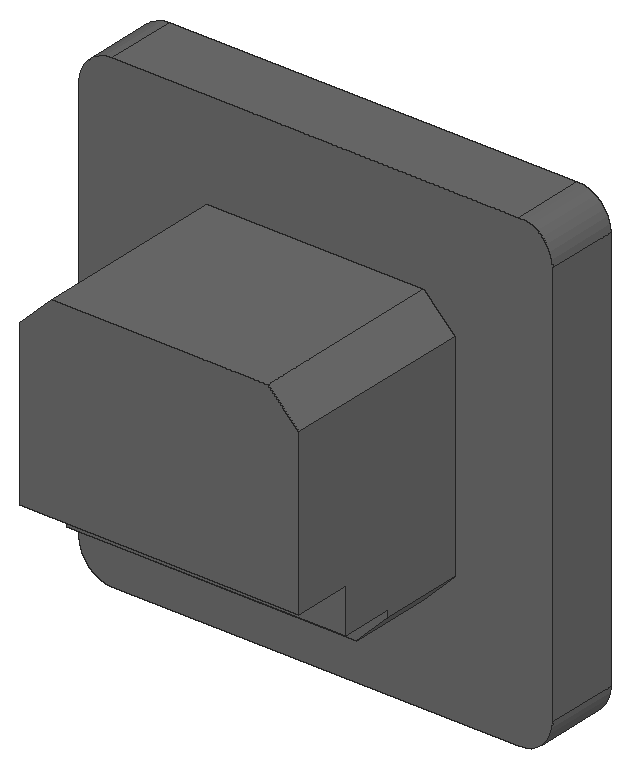
Revit family "USYSTEMS_Проводной термостат цифровой_TW-9", category Датчики, Revit 2019
Family settings
  Сохранять ориентацию аннотаций = Нет
  Размер круглого соединителя = Использовать диаметр
  Тип детали = Нормальный
  На основе рабочей плоскости = Нет
  Всегда вертикально = Да
  При загрузке вырезать с полостями = Нет
  Общий = Нет
  Точка расчета площади = Нет
Parameters (values of type "TW-9 черный")
  Экран = USYSTEMS_Экран
  Ширина экрана = 63 mm  # constant formula
  Тощина залней части = 35 mm
  Толщина передней части = 13 mm
  Толшина жкрана = 2 mm
  Сторона корпуса = 85 mm
  Сторона задней части = 50 mm  # constant formula
  Радиус сопряжения = 6 mm
  Привязка плоскости экраа = 9 mm
  Отступ длины задней части = 4 mm
  Отображение на экране = USYSTEMS_Отображение на экране
  Корпус = USYSTEMS_Пластик черный
  Кнопки = USYSTEMS_Кнопки
  Высота экрана = 49 mm  # constant formula
  ADSK_Ток [instance] = 0 A
  ADSK_Пусковой ток [instance] = ADSK_Ток * ADSK_Кратность пускового тока  # 0 A
  ADSK_Примечание [instance] = ""
  ADSK_Полная мощность [instance] = 0 VA
  ADSK_Позиция [instance] = ""
  ADSK_Обозначение = ""
  ADSK_Номинальная мощность [instance] = 0 W
  ADSK_Напряжение = 230 V
  ADSK_Наименование краткое [instance] = ""
  ADSK_Наименование = "USYSTEMS проводной термостат цифровой TW-9 черный"
  ADSK_Масса_Текст = ""
  ADSK_Масса = 0
  ADSK_Марка = "Проводной термостат цифровой TW-9 черный"
  ADSK_Кратность пускового тока [instance] = 0
  ADSK_Коэффициент мощности [instance] = 1
  ADSK_Количество фаз = 1
  ADSK_Количество = 1
  ADSK_Код изделия = "1137049"
  ADSK_Классификация нагрузок [instance] = none
  ADSK_КПД [instance] = 0
  ADSK_Завод-изготовитель = "USYSTEMS"  # constant formula
  ADSK_Единица измерения = "шт"  # constant formula
  ADSK_Группирование = ""
  ADSK_Версия Revit = "2019"  # constant formula
Types (2, lengths in mm): name | Корпус | ADSK_Наименование | ADSK_Марка | ADSK_Кратность пускового тока | ADSK_Код изделия | ADSK_КПД
  TW-9 белый | USYSTEMS_Пластик белый | "USYSTEMS проводной термостат цифровой TW-9 белый" | "Проводной термостат цифровой TW-9 белый" | 1 | "1137048" | 1
  TW-9 черный | USYSTEMS_Пластик черный | "USYSTEMS проводной термостат цифровой TW-9 черный" | "Проводной термостат цифровой TW-9 черный" | 0 | "1137049" | 0
Reference planes
  plane 1 "По центру (Вперед/Назад)": y = 0
  plane 2: z = 0
  plane 3 "По центру (Влево/Вправо)": x = 0
  plane 4: y = 13
  plane 5: y = -35
  plane 6: z = 42.5
  plane 7: z = -42.5
  plane 8: x = -42.5
  plane 9: x = 42.5
  plane 10: x = -31.5
  plane 11: x = 31.5
  plane 12: z = 9
  plane 13: z = 33.5
  plane 14: z = -15.5
  plane 15: y = 11
  plane 16: x = 25
  plane 17: x = -25
  plane 18: z = 25
  plane 19: z = -25
Forms (mm)
  Extrusion 1, solid, material "USYSTEMS_Пластик черный" <- "Корпус", detail levels medium+fine
    sketch origin (0, 0, 0) x (-1, 0, 0) y (0, 0, 1)
      loop
        arc (-36.5, 42.5) -> (-40.743, 40.743) -> (-42.5, 36.5) r 6
        line (-42.5, 36.5) -> (-42.5, -36.5)
        arc (-42.5, -36.5) -> (-40.743, -40.743) -> (-36.5, -42.5) r 6
        line (-36.5, -42.5) -> (36.5, -42.5)
        arc (36.5, -42.5) -> (40.743, -40.743) -> (42.5, -36.5) r 6
        line (42.5, -36.5) -> (42.5, 36.5)
        arc (42.5, 36.5) -> (40.743, 40.743) -> (36.5, 42.5) r 6
        line (36.5, 42.5) -> (-36.5, 42.5)
    from 0 to 13
  Extrusion 2, solid, material "USYSTEMS_Пластик черный" <- "Корпус", detail levels medium+fine
    sketch origin (0, 0, 0) x (-1, 0, 0) y (0, 0, 1)
      loop
        line (19.343, 25) -> (-19.343, 25) -> (-25, 19.343) -> (-25, -19.343) -> (-19.343, -25) -> (19.343, -25) -> (25, -19.343) -> (25, 19.343) -> (19.343, 25)
    from -35 to 0
  Extrusion 3, solid, material "USYSTEMS_Отображение на экране" <- "Отображение на экране", detail levels medium+fine
    sketch origin (0, 0, 0) x (-1, 0, 0) y (0, 0, 1)
      loop
        line (-12.546, 4.959) -> (-13.324, -0.571) -> (-12.897, -1.744) -> (-11.444, -0.524) -> (-10.67, 4.979) -> (-11.598, 5.907) -> (-12.546, 4.959)
      loop
        line (-12.374, -2.411) -> (-11.608, -2.803) -> (-4.601, -2.803) -> (-3.846, -2.367) -> (-5.043, -1.17) -> (-10.896, -1.17) -> (-12.374, -2.411)
      loop
        line (-10.744, 6.444) -> (-10.099, 5.799) -> (-4.178, 5.799) -> (-3.176, 6.501) -> (-3.93, 7.255) -> (-9.932, 7.255) -> (-10.744, 6.444)
      loop
        line (-2.573, 7.001) -> (-1.52, 7.884) -> (-0.808, 14.657) -> (-2.607, 13.351) -> (-3.183, 7.871) -> (-2.573, 7.001)
      loop
        line (-2.897, 14.057) -> (-1.513, 15.218) -> (-2.359, 15.707) -> (-9.43, 15.707) -> (-10.156, 15.368) -> (-8.845, 14.057) -> (-2.897, 14.057)
      loop
        line (-0.407, 4.959) -> (-1.184, -0.571) -> (-0.757, -1.744) -> (0.696, -0.524) -> (1.47, 4.979) -> (0.542, 5.907) -> (-0.407, 4.959)
      loop
        line (-0.234, -2.411) -> (0.532, -2.803) -> (7.539, -2.803) -> (8.294, -2.367) -> (7.097, -1.17) -> (1.244, -1.17) -> (-0.234, -2.411)
      loop
        line (1.396, 6.444) -> (2.041, 5.799) -> (7.962, 5.799) -> (8.964, 6.501) -> (8.21, 7.255) -> (2.208, 7.255) -> (1.396, 6.444)
      loop
        line (9.566, 7.001) -> (10.619, 7.884) -> (11.331, 14.657) -> (9.533, 13.351) -> (8.957, 7.871) -> (9.566, 7.001)
      loop
        line (9.243, 14.057) -> (10.627, 15.218) -> (9.781, 15.707) -> (2.71, 15.707) -> (1.984, 15.368) -> (3.295, 14.057) -> (9.243, 14.057)
      loop
        circle (11.279, -1.915) r 1.013
      loop
        line (15.392, 6.25) -> (16.015, 5.362) -> (18.92, 5.362) -> (19.808, 6.25) -> (15.392, 6.25)
      loop
        line (20.169, 6.051) -> (19.165, 5.047) -> (18.76, 2.492) -> (19.22, 1.836) -> (19.785, 2.401) -> (20.169, 6.051)
      loop
        line (15.655, 2.141) -> (14.963, 1.741) -> (15.655, 1.341) -> (18.366, 1.341) -> (19.059, 1.741) -> (18.366, 2.141) -> (15.655, 2.141)
      loop
        line (13.904, -2.776) -> (18.488, -2.776) -> (17.655, -1.784) -> (14.896, -1.784) -> (13.904, -2.776)
      loop
        line (18.585, 0.988) -> (18.212, -1.669) -> (18.941, -2.538) -> (19.529, 1.649) -> (18.585, 0.988)
    from 11 to 13
  Extrusion 4, solid, material "USYSTEMS_Экран" <- "Экран", detail levels medium+fine
    sketch origin (0, 0, 0) x (-1, 0, 0) y (0, 0, 1)
      loop
        line (-31.5, -15.5) -> (31.5, -15.5) -> (31.5, 33.5) -> (-31.5, 33.5) -> (-31.5, -15.5)
    from 13 to 11
  Extrusion 5, void
    sketch origin (0, 0, 0) x (1, 0, 0) y (0, 0, 1)
      loop
        line (31.5, 33.5) -> (-31.5, 33.5) -> (-31.5, -15.5) -> (31.5, -15.5) -> (31.5, 33.5)
    from -13 to -11
  Extrusion 6, void
    sketch origin (0, 0, 0) x (1, 0, 0) y (0, 0, 1)
      loop
        line (2.359, 15.707) -> (1.513, 15.218) -> (2.897, 14.057) -> (8.845, 14.057) -> (10.156, 15.368) -> (9.43, 15.707) -> (2.359, 15.707)
      loop
        line (2.607, 13.351) -> (0.808, 14.657) -> (1.52, 7.884) -> (2.573, 7.001) -> (3.183, 7.871) -> (2.607, 13.351)
      loop
        line (3.93, 7.255) -> (3.176, 6.501) -> (4.178, 5.799) -> (10.099, 5.799) -> (10.744, 6.444) -> (9.932, 7.255) -> (3.93, 7.255)
      loop
        line (12.546, 4.959) -> (11.598, 5.907) -> (10.67, 4.979) -> (11.444, -0.524) -> (12.897, -1.744) -> (13.324, -0.571) -> (12.546, 4.959)
      loop
        line (11.608, -2.803) -> (12.374, -2.411) -> (10.896, -1.17) -> (5.043, -1.17) -> (3.846, -2.367) -> (4.601, -2.803) -> (11.608, -2.803)
      loop
        line (-3.295, 14.057) -> (-1.984, 15.368) -> (-2.71, 15.707) -> (-9.781, 15.707) -> (-10.627, 15.218) -> (-9.243, 14.057) -> (-3.295, 14.057)
      loop
        line (-9.533, 13.351) -> (-11.331, 14.657) -> (-10.619, 7.884) -> (-9.566, 7.001) -> (-8.957, 7.871) -> (-9.533, 13.351)
      loop
        line (-8.21, 7.255) -> (-8.964, 6.501) -> (-7.962, 5.799) -> (-2.041, 5.799) -> (-1.396, 6.444) -> (-2.208, 7.255) -> (-8.21, 7.255)
      loop
        line (0.407, 4.959) -> (-0.542, 5.907) -> (-1.47, 4.979) -> (-0.696, -0.524) -> (0.757, -1.744) -> (1.184, -0.571) -> (0.407, 4.959)
      loop
        line (-7.097, -1.17) -> (-8.294, -2.367) -> (-7.539, -2.803) -> (-0.532, -2.803) -> (0.234, -2.411) -> (-1.244, -1.17) -> (-7.097, -1.17)
      loop
        circle (-11.279, -1.915) r 1.013
      loop
        line (-13.904, -2.776) -> (-14.896, -1.784) -> (-17.655, -1.784) -> (-18.488, -2.776) -> (-13.904, -2.776)
      loop
        line (-18.366, 2.141) -> (-19.059, 1.741) -> (-18.366, 1.341) -> (-15.655, 1.341) -> (-14.963, 1.741) -> (-15.655, 2.141) -> (-18.366, 2.141)
      loop
        line (-16.015, 5.362) -> (-15.392, 6.25) -> (-19.808, 6.25) -> (-18.92, 5.362) -> (-16.015, 5.362)
      loop
        line (-19.22, 1.836) -> (-18.76, 2.492) -> (-19.165, 5.047) -> (-20.169, 6.051) -> (-19.785, 2.401) -> (-19.22, 1.836)
      loop
        line (-18.585, 0.988) -> (-19.529, 1.649) -> (-18.941, -2.538) -> (-18.212, -1.669) -> (-18.585, 0.988)
    from -11 to -13
  Sweep 7, void
    path origin (0, -47.257, 1.015) x (1, 0, 0) y (0, 1, 0)
      loop
        line (-25, 12.257) -> (25, 12.257)
    profile origin (0, -35, 1.015) x (0, 1, 0) y (0, 0, 1)
      loop
        line (20, -26.015) -> (20, -19.015) -> (10.473, -19.015) -> (10.473, -11.015) -> (0, -11.015) -> (0, -26.015) -> (20, -26.015)
  Extrusion 8, solid, material "USYSTEMS_Кнопки" <- "Кнопки", detail levels medium+fine
    sketch origin (0, 0, 4.375) x (-1, 0, 0) y (0, 0, -1)
      loop
        line (-28.181, 32.988) -> (-32.499, 35.001) -> (-28.181, 37.015) -> (-28.181, 37.796) -> (-33.201, 35.455)
        arc (-33.201, 35.455) -> (-33.489, 35.001) -> (-33.201, 34.548) r 0.5
        line (-33.201, 34.548) -> (-28.181, 32.207) -> (-28.181, 32.988)
      loop
        line (-16.477, 34.586) -> (-14.223, 36.84) -> (-10.082, 32.698)
        arc (-10.082, 32.698) -> (-9.517, 32.698) -> (-9.517, 33.264) r 0.4
        line (-9.517, 33.264) -> (-13.836, 37.584)
        arc (-13.836, 37.584) -> (-14.223, 37.744) -> (-14.61, 37.584) r 0.547
        line (-14.61, 37.584) -> (-17.043, 35.152)
        arc (-17.043, 35.152) -> (-17.043, 34.586) -> (-16.477, 34.586) r 0.4
      loop
        line (-1.898, 32.988) -> (-1.898, 32.207) -> (3.122, 34.548)
        arc (3.122, 34.548) -> (3.411, 35.001) -> (3.122, 35.455) r 0.5
        line (3.122, 35.455) -> (-1.898, 37.796) -> (-1.898, 37.015) -> (2.42, 35.001) -> (-1.898, 32.988)
      loop
        line (18.418, 32.347) -> (19.199, 32.347) -> (16.858, 37.367)
        arc (16.858, 37.367) -> (16.404, 37.656) -> (15.951, 37.367) r 0.5
        line (15.951, 37.367) -> (13.61, 32.347) -> (14.391, 32.347) -> (16.404, 36.665) -> (18.418, 32.347)
      loop
        line (29.486, 37.656) -> (28.706, 37.656) -> (31.046, 32.636)
        arc (31.046, 32.636) -> (31.5, 32.347) -> (31.954, 32.636) r 0.5
        line (31.954, 32.636) -> (34.294, 37.656) -> (33.514, 37.656) -> (31.5, 33.337) -> (29.486, 37.656)
    from -11 to -13
  Extrusion 9, void
    sketch origin (0, 0, 0) x (1, 0, 0) y (0, 0, 1)
      loop
        line (28.181, -27.832) -> (28.181, -28.613) -> (32.499, -30.626) -> (28.181, -32.64) -> (28.181, -33.421) -> (33.201, -31.08)
        arc (33.201, -31.08) -> (33.489, -30.626) -> (33.201, -30.173) r 0.5
        line (33.201, -30.173) -> (28.181, -27.832)
      loop
        arc (17.043, -30.777) -> (17.043, -30.211) -> (16.477, -30.211) r 0.4
        line (16.477, -30.211) -> (14.223, -32.465) -> (10.082, -28.323)
        arc (10.082, -28.323) -> (9.517, -28.323) -> (9.517, -28.889) r 0.4
        line (9.517, -28.889) -> (13.836, -33.209)
        arc (13.836, -33.209) -> (14.223, -33.369) -> (14.61, -33.209) r 0.547
        line (14.61, -33.209) -> (17.043, -30.777)
      loop
        line (-2.42, -30.626) -> (1.898, -28.613) -> (1.898, -27.832) -> (-3.122, -30.173)
        arc (-3.122, -30.173) -> (-3.411, -30.626) -> (-3.122, -31.08) r 0.5
        line (-3.122, -31.08) -> (1.898, -33.421) -> (1.898, -32.64) -> (-2.42, -30.626)
      loop
        arc (-16.858, -32.992) -> (-16.404, -33.281) -> (-15.951, -32.992) r 0.5
        line (-15.951, -32.992) -> (-13.61, -27.972) -> (-14.391, -27.972) -> (-16.404, -32.29) -> (-18.418, -27.972) -> (-19.199, -27.972) -> (-16.858, -32.992)
      loop
        line (-34.294, -33.281) -> (-33.514, -33.281) -> (-31.5, -28.962) -> (-29.486, -33.281) -> (-28.706, -33.281) -> (-31.046, -28.261)
        arc (-31.046, -28.261) -> (-31.5, -27.972) -> (-31.954, -28.261) r 0.5
        line (-31.954, -28.261) -> (-34.294, -33.281)
    from -11 to -13
  Extrusion 10, void, not visible
    sketch origin (0, 0, 0) x (1, 0, 0) y (0, 0, 1)
      loop
        line (2.359, 15.707) -> (1.513, 15.218) -> (2.897, 14.057) -> (8.845, 14.057) -> (10.156, 15.368) -> (9.43, 15.707) -> (2.359, 15.707)
      loop
        line (2.607, 13.351) -> (0.808, 14.657) -> (1.52, 7.884) -> (2.573, 7.001) -> (3.183, 7.871) -> (2.607, 13.351)
      loop
        line (3.93, 7.255) -> (3.176, 6.501) -> (4.178, 5.799) -> (10.099, 5.799) -> (10.744, 6.444) -> (9.932, 7.255) -> (3.93, 7.255)
      loop
        line (12.546, 4.959) -> (11.598, 5.907) -> (10.67, 4.979) -> (11.444, -0.524) -> (12.897, -1.744) -> (13.324, -0.571) -> (12.546, 4.959)
      loop
        line (11.608, -2.803) -> (12.374, -2.411) -> (10.896, -1.17) -> (5.043, -1.17) -> (3.846, -2.367) -> (4.601, -2.803) -> (11.608, -2.803)
      loop
        line (-3.295, 14.057) -> (-1.984, 15.368) -> (-2.71, 15.707) -> (-9.781, 15.707) -> (-10.627, 15.218) -> (-9.243, 14.057) -> (-3.295, 14.057)
      loop
        line (-9.533, 13.351) -> (-11.331, 14.657) -> (-10.619, 7.884) -> (-9.566, 7.001) -> (-8.957, 7.871) -> (-9.533, 13.351)
      loop
        line (-8.21, 7.255) -> (-8.964, 6.501) -> (-7.962, 5.799) -> (-2.041, 5.799) -> (-1.396, 6.444) -> (-2.208, 7.255) -> (-8.21, 7.255)
      loop
        line (0.407, 4.959) -> (-0.542, 5.907) -> (-1.47, 4.979) -> (-0.696, -0.524) -> (0.757, -1.744) -> (1.184, -0.571) -> (0.407, 4.959)
      loop
        line (-7.097, -1.17) -> (-8.294, -2.367) -> (-7.539, -2.803) -> (-0.532, -2.803) -> (0.234, -2.411) -> (-1.244, -1.17) -> (-7.097, -1.17)
      loop
        circle (-11.279, -1.915) r 1.013
      loop
        line (-13.904, -2.776) -> (-14.896, -1.784) -> (-17.655, -1.784) -> (-18.488, -2.776) -> (-13.904, -2.776)
      loop
        line (-18.366, 2.141) -> (-19.059, 1.741) -> (-18.366, 1.341) -> (-15.655, 1.341) -> (-14.963, 1.741) -> (-15.655, 2.141) -> (-18.366, 2.141)
      loop
        line (-16.015, 5.362) -> (-15.392, 6.25) -> (-19.808, 6.25) -> (-18.92, 5.362) -> (-16.015, 5.362)
      loop
        line (-19.22, 1.836) -> (-18.76, 2.492) -> (-19.165, 5.047) -> (-20.169, 6.051) -> (-19.785, 2.401) -> (-19.22, 1.836)
      loop
        line (-18.585, 0.988) -> (-19.529, 1.649) -> (-18.941, -2.538) -> (-18.212, -1.669) -> (-18.585, 0.988)
    from -11 to -13
  Extrusion 11, void, not visible
    sketch origin (0, 0, 0) x (1, 0, 0) y (0, 0, 1)
      loop
        line (28.181, -27.832) -> (28.181, -28.613) -> (32.499, -30.626) -> (28.181, -32.64) -> (28.181, -33.421) -> (33.201, -31.08)
        arc (33.201, -31.08) -> (33.489, -30.626) -> (33.201, -30.173) r 0.5
        line (33.201, -30.173) -> (28.181, -27.832)
      loop
        arc (17.043, -30.777) -> (17.043, -30.211) -> (16.477, -30.211) r 0.4
        line (16.477, -30.211) -> (14.223, -32.465) -> (10.082, -28.323)
        arc (10.082, -28.323) -> (9.517, -28.323) -> (9.517, -28.889) r 0.4
        line (9.517, -28.889) -> (13.836, -33.209)
        arc (13.836, -33.209) -> (14.223, -33.369) -> (14.61, -33.209) r 0.547
        line (14.61, -33.209) -> (17.043, -30.777)
      loop
        line (-2.42, -30.626) -> (1.898, -28.613) -> (1.898, -27.832) -> (-3.122, -30.173)
        arc (-3.122, -30.173) -> (-3.411, -30.626) -> (-3.122, -31.08) r 0.5
        line (-3.122, -31.08) -> (1.898, -33.421) -> (1.898, -32.64) -> (-2.42, -30.626)
      loop
        arc (-16.858, -32.992) -> (-16.404, -33.281) -> (-15.951, -32.992) r 0.5
        line (-15.951, -32.992) -> (-13.61, -27.972) -> (-14.391, -27.972) -> (-16.404, -32.29) -> (-18.418, -27.972) -> (-19.199, -27.972) -> (-16.858, -32.992)
      loop
        line (-34.294, -33.281) -> (-33.514, -33.281) -> (-31.5, -28.962) -> (-29.486, -33.281) -> (-28.706, -33.281) -> (-31.046, -28.261)
        arc (-31.046, -28.261) -> (-31.5, -27.972) -> (-31.954, -28.261) r 0.5
        line (-31.954, -28.261) -> (-34.294, -33.281)
    from -11 to -13
Cuts and joins
  Extrusion 5, Extrusion 6, Extrusion 9 cuts Extrusion 1
  Extrusion 5, Extrusion 6, Sweep 7 cuts Extrusion 2
  Extrusion 6 cuts Extrusion 4
Lines and regions (mm)
  model lines
    curve 1: arc (-42.5, 13, -36.5) -> (-40.743, 13, -40.743) -> (-36.5, 13, -42.5) r 6
    curve 2: line (-36.5, 13, -42.5) -> (36.5, 13, -42.5)
    curve 3: arc (36.5, 13, -42.5) -> (40.743, 13, -40.743) -> (42.5, 13, -36.5) r 6
    curve 4: line (-36.5, 13, 42.5) -> (36.5, 13, 42.5)
    curve 5: arc (36.5, 13, 42.5) -> (40.743, 13, 40.743) -> (42.5, 13, 36.5) r 6
    curve 6: line (42.5, 13, 36.5) -> (42.5, 13, -36.5)
    curve 7: line (-42.5, 13, -36.5) -> (-42.5, 13, 36.5)
    curve 8: arc (-42.5, 13, 36.5) -> (-40.743, 13, 40.743) -> (-36.5, 13, 42.5) r 6
Dimensions and locks
  "Толщина передней части": plane 1 "По центру (Вперед/Назад)" to plane 4
  "Тощина залней части": plane 5 to plane 1 "По центру (Вперед/Назад)"
  equal spacing: plane 6, level, plane 7
  "Сторона корпуса": plane 6 to plane 7
  equal spacing: plane 9, plane 3 "По центру (Влево/Вправо)", plane 8
  "Сторона корпуса": plane 9 to plane 8
  equal spacing: plane 11, plane 3 "По центру (Влево/Вправо)", plane 10
  "Ширина экрана": plane 11 to plane 10
  "Привязка плоскости экраа": plane 12 to plane 2
  equal spacing: plane 13, plane 12, plane 14
  "Высота экрана": plane 13 to plane 14
  "Толшина жкрана": plane 4 to plane 15
  equal spacing: plane 19, plane 2, plane 18
  equal spacing: plane 17, plane 3 "По центру (Влево/Вправо)", plane 16
  "Сторона задней части": plane 17 to plane 16
  "Сторона задней части": plane 19 to plane 18
  Sweep 7 sketch curve to plane 19 = 7 mm
  Sweep 7 sketch curve to plane 19 = 15 mm
  plane 5 to Sweep 7 sketch curve = 10.473 mm
  plane 5 to Sweep 7 sketch curve = 20 mm
  "Радиус сопряжения": radius of Extrusion 1 sketch curve  (x4)
  aligned and locked: level to plane 2
  aligned and locked: plane 4 to Extrusion 1
  aligned and locked: Extrusion 2 to plane 5
  aligned and locked: Extrusion 5 sketch curve to Extrusion 4  (x4)
  aligned and locked: Extrusion 5 to plane 15
  aligned and locked: plane 4 to Extrusion 5
  aligned and locked: Extrusion 4 to plane 15
  aligned and locked: plane 4 to Extrusion 4
  aligned and locked: Extrusion 6 sketch curve to Extrusion 3  (x2)
  aligned and locked: plane 4 to Extrusion 6
  aligned and locked: Extrusion 6 to plane 15
  aligned and locked: Extrusion 3 to plane 15
  aligned and locked: plane 4 to Extrusion 3
  aligned and locked: Extrusion 1 sketch curve to plane 6
  aligned and locked: Extrusion 1 sketch curve to plane 9
  aligned and locked: plane 7 to Extrusion 1 sketch curve
  aligned and locked: plane 8 to Extrusion 1 sketch curve
  aligned and locked: cut or joined group of Extrusion 2, Extrusion 5, Extrusion 6, Sweep 7 to plane 1 "По центру (Вперед/Назад)"
  aligned and locked: cut or joined group of Extrusion 2, Extrusion 5, Extrusion 6, Sweep 7 to plane 5
  aligned and locked: Extrusion 2 sketch curve to plane 18
  aligned and locked: plane 19 to Extrusion 2 sketch curve
  aligned and locked: Extrusion 2 sketch curve to plane 17
  aligned and locked: plane 16 to Extrusion 2 sketch curve
  aligned and locked: Sweep 7 sketch curve to plane 5  (x2)
  aligned and locked: plane 17 to Sweep 7 sketch curve
  aligned and locked: plane 16 to Sweep 7 sketch curve
  aligned and locked: Sweep 7 sketch curve to plane 19
  aligned and locked: Extrusion 9 sketch curve to Extrusion 8  (x7)
  aligned and locked: plane 4 to Extrusion 9
  aligned and locked: Extrusion 9 to plane 15
  aligned and locked: Extrusion 8 to plane 15
  aligned and locked: plane 4 to Extrusion 8
Automatic sketch dimensions
  plane 16 to Extrusion 2 sketch curve = 5.657 mm  (x2)
  Extrusion 2 sketch curve to plane 17 = 5.657 mm  (x2)
  Extrusion 2 sketch curve to plane 14 = 3.843 mm  (x2)
  Extrusion 2 sketch curve to plane 18 = 5.657 mm  (x2)
  Extrusion 1 to curve 8 = 0 mm
  curve 4 to Extrusion 1 = 6 mm
  curve 6 to Extrusion 1 = 6 mm
  curve 7 to Extrusion 1 = 6 mm
  Extrusion 3 sketch curve to level = 0.571 mm  (x2)
  plane 16 to Extrusion 3 sketch curve = 11.676 mm
  Extrusion 3 sketch curve to level = 1.744 mm
  Extrusion 3 sketch curve to Extrusion 3 sketch curve = 0.427 mm
  Extrusion 3 sketch curve to plane 12 = 4.041 mm
  Extrusion 3 sketch curve to Extrusion 3 sketch curve = 0.777 mm
  Extrusion 3 sketch curve to level = 2.411 mm
  Extrusion 3 sketch curve to Extrusion 3 sketch curve = 0.523 mm
  Extrusion 3 sketch curve to Extrusion 3 sketch curve = 0.766 mm
  Extrusion 3 sketch curve to plane 12 = 3.093 mm
  Extrusion 3 sketch curve to Extrusion 3 sketch curve = 0.948 mm
  Extrusion 3 sketch curve to level = 0.524 mm  (x2)
  Extrusion 3 sketch curve to Extrusion 3 sketch curve = 1.88 mm
  Extrusion 3 sketch curve to Extrusion 3 sketch curve = 0.548 mm  (x2)
  Extrusion 3 sketch curve to plane 12 = 2.556 mm
  Extrusion 3 sketch curve to Extrusion 3 sketch curve = 0.854 mm  (x2)
  Extrusion 3 sketch curve to plane 12 = 4.021 mm
  Extrusion 3 sketch curve to Extrusion 3 sketch curve = 0.588 mm
  Extrusion 3 sketch curve to plane 12 = 3.201 mm  (x2)
  Extrusion 3 sketch curve to Extrusion 3 sketch curve = 0.644 mm  (x3)
  Extrusion 3 sketch curve to plane 12 = 1.745 mm
  Extrusion 3 sketch curve to Extrusion 3 sketch curve = 0.726 mm  (x2)
  Extrusion 3 sketch curve to Extrusion 3 sketch curve = 0.585 mm  (x2)
  Extrusion 3 sketch curve to level = 1.17 mm  (x2)
  plane 3 "По центру (Влево/Вправо)" to Extrusion 3 sketch curve = 5.043 mm
  Extrusion 3 sketch curve to Extrusion 3 sketch curve = 0.442 mm  (x2)
  plane 3 "По центру (Влево/Вправо)" to Extrusion 3 sketch curve = 4.178 mm
  Extrusion 3 sketch curve to Extrusion 3 sketch curve = 0.248 mm  (x2)
  Extrusion 3 sketch curve to Extrusion 3 sketch curve = 0.755 mm  (x2)
  Extrusion 3 sketch curve to plane 12 = 1.129 mm  (x2)
  Extrusion 3 sketch curve to Extrusion 3 sketch curve = 0.747 mm  (x2)
  Extrusion 3 sketch curve to Extrusion 3 sketch curve = 0.754 mm  (x3)
  plane 3 "По центру (Влево/Вправо)" to Extrusion 3 sketch curve = 2.897 mm
  Extrusion 3 sketch curve to Extrusion 3 sketch curve = 0.29 mm  (x2)
  Extrusion 3 sketch curve to Extrusion 3 sketch curve = 0.603 mm  (x2)
  Extrusion 3 sketch curve to Extrusion 3 sketch curve = 0.538 mm  (x2)
  Extrusion 3 sketch curve to Extrusion 3 sketch curve = 1.053 mm  (x2)
  Extrusion 3 sketch curve to Extrusion 3 sketch curve = 0.846 mm  (x2)
  plane 3 "По центру (Влево/Вправо)" to Extrusion 3 sketch curve = 1.184 mm
  plane 3 "По центру (Влево/Вправо)" to Extrusion 3 sketch curve = 0.808 mm
  plane 3 "По центру (Влево/Вправо)" to Extrusion 3 sketch curve = 0.757 mm
  plane 3 "По центру (Влево/Вправо)" to Extrusion 3 sketch curve = 0.407 mm
  plane 3 "По центру (Влево/Вправо)" to Extrusion 3 sketch curve = 0.234 mm
  Extrusion 3 sketch curve to plane 3 "По центру (Влево/Вправо)" = 0.532 mm
  Extrusion 3 sketch curve to plane 3 "По центру (Влево/Вправо)" = 0.542 mm
  Extrusion 3 sketch curve to plane 3 "По центру (Влево/Вправо)" = 0.696 mm
  Extrusion 3 sketch curve to Extrusion 3 sketch curve = 0.928 mm
  Extrusion 3 sketch curve to plane 3 "По центру (Влево/Вправо)" = 1.984 mm
  Extrusion 3 sketch curve to Extrusion 3 sketch curve = 0.811 mm
  Extrusion 3 sketch curve to Extrusion 3 sketch curve = 5.853 mm
  Extrusion 3 sketch curve to Extrusion 3 sketch curve = 5.921 mm
  Extrusion 3 sketch curve to level = 2.367 mm
  Extrusion 3 sketch curve to plane 12 = 2.499 mm
  Extrusion 3 sketch curve to Extrusion 3 sketch curve = 5.948 mm
  plane 12 to Extrusion 3 sketch curve = 4.351 mm  (x2)
  Extrusion 3 sketch curve to plane 12 = 1.999 mm
  Extrusion 3 sketch curve to plane 12 = 1.116 mm  (x2)
  Extrusion 3 sketch curve to Extrusion 3 sketch curve = 2.985 mm
  plane 12 to Extrusion 3 sketch curve = 5.657 mm
  Extrusion 3 sketch curve to Extrusion 3 sketch curve = 0.705 mm
  Extrusion 3 sketch curve to level = 1.784 mm
  Extrusion 3 sketch curve to Extrusion 3 sketch curve = 3.617 mm
  level to Extrusion 3 sketch curve = 1.741 mm  (x2)
  Extrusion 3 sketch curve to Extrusion 3 sketch curve = 0.067 mm
  Extrusion 3 sketch curve to Extrusion 3 sketch curve = 0.43 mm
  level to Extrusion 3 sketch curve = 2.141 mm
  Extrusion 3 sketch curve to Extrusion 3 sketch curve = 0.693 mm  (x3)
  Extrusion 3 sketch curve to plane 12 = 3.638 mm
  Extrusion 3 sketch curve to Extrusion 3 sketch curve = 0.622 mm
  Extrusion 3 sketch curve to Extrusion 3 sketch curve = 2.759 mm
  Extrusion 3 sketch curve to level = 1.669 mm
  Extrusion 3 sketch curve to Extrusion 3 sketch curve = 0.556 mm
  Extrusion 3 sketch curve to Extrusion 3 sketch curve = 2.711 mm
  Extrusion 3 sketch curve to Extrusion 3 sketch curve = 0 mm  (x2)
  Extrusion 3 sketch curve to Extrusion 3 sketch curve = 0.276 mm
  level to Extrusion 3 sketch curve = 0.988 mm
  Extrusion 3 sketch curve to Extrusion 3 sketch curve = 0.219 mm
  level to Extrusion 3 sketch curve = 2.492 mm
  Extrusion 3 sketch curve to Extrusion 3 sketch curve = 0.394 mm
  Extrusion 3 sketch curve to Extrusion 3 sketch curve = 0.16 mm
  Extrusion 3 sketch curve to level = 2.538 mm
  Extrusion 3 sketch curve to Extrusion 3 sketch curve = 0.453 mm
  Extrusion 3 sketch curve to Extrusion 3 sketch curve = 0.245 mm
  level to Extrusion 3 sketch curve = 1.836 mm
  Extrusion 3 sketch curve to Extrusion 3 sketch curve = 0.161 mm
  level to Extrusion 3 sketch curve = 1.649 mm
  Extrusion 3 sketch curve to Extrusion 3 sketch curve = 0.309 mm
  level to Extrusion 3 sketch curve = 2.401 mm
  Extrusion 3 sketch curve to Extrusion 3 sketch curve = 0.256 mm
  Extrusion 3 sketch curve to Extrusion 3 sketch curve = 0.889 mm  (x2)
  Extrusion 3 sketch curve to Extrusion 3 sketch curve = 0.361 mm
  Extrusion 3 sketch curve to Extrusion 3 sketch curve = 0.238 mm
  Extrusion 3 sketch curve to Extrusion 3 sketch curve = 0.393 mm  (x2)
  Extrusion 3 sketch curve to Extrusion 3 sketch curve = 1.633 mm
  Extrusion 3 sketch curve to Extrusion 3 sketch curve = 0.436 mm
  Extrusion 3 sketch curve to level = 1.915 mm
  Extrusion 3 sketch curve to Extrusion 3 sketch curve = 0.667 mm
  Extrusion 3 sketch curve to Extrusion 3 sketch curve = 0.4 mm
  Extrusion 3 sketch curve to Extrusion 3 sketch curve = 0.841 mm
  Extrusion 3 sketch curve to Extrusion 3 sketch curve = 0.82 mm
  Extrusion 3 sketch curve to Extrusion 3 sketch curve = 0.315 mm
  Extrusion 3 sketch curve to Extrusion 3 sketch curve = 1.005 mm
  Extrusion 3 sketch curve to Extrusion 3 sketch curve = 0.5 mm
  Extrusion 3 sketch curve to Extrusion 3 sketch curve = 0.707 mm
  plane 12 to Extrusion 3 sketch curve = 5.057 mm
  Extrusion 3 sketch curve to Extrusion 3 sketch curve = 0.6 mm
  Extrusion 3 sketch curve to Extrusion 3 sketch curve = 0.561 mm  (x2)
  Extrusion 3 sketch curve to Extrusion 3 sketch curve = 1.311 mm  (x2)
  Extrusion 3 sketch curve to Extrusion 3 sketch curve = 0.488 mm  (x2)
  Extrusion 3 sketch curve to Extrusion 3 sketch curve = 0.992 mm
  Extrusion 4 sketch curve to plane 11 = 0 mm
  Extrusion 4 sketch curve to plane 10 = 0 mm
  Extrusion 4 sketch curve to plane 14 = 0 mm
  Extrusion 4 sketch curve to plane 13 = 0 mm
  curve 3 to plane 9 = 0 mm
  curve 2 to plane 7 = 0 mm
  curve 1 to plane 8 = 0 mm
  plane 11 to curve 3 = 5 mm
  curve 2 to plane 10 = 5 mm
  Extrusion 8 sketch curve to plane 10 = 0 mm  (x2)
  plane 10 to Extrusion 8 sketch curve = 0.454 mm
  plane 10 to Extrusion 8 sketch curve = 2.014 mm
  Extrusion 8 sketch curve to Extrusion 8 sketch curve = 0.781 mm  (x8)
  Extrusion 8 sketch curve to plane 17 = 5.801 mm
  Extrusion 8 sketch curve to plane 19 = 2.972 mm  (x2)
  Extrusion 8 sketch curve to Extrusion 8 sketch curve = 1.56 mm
  Extrusion 8 sketch curve to Extrusion 8 sketch curve = 0.454 mm  (x4)
  Extrusion 8 sketch curve to Extrusion 8 sketch curve = 0 mm  (x6)
  Extrusion 8 sketch curve to Extrusion 8 sketch curve = 4.028 mm  (x3)
  Extrusion 8 sketch curve to plane 3 "По центру (Влево/Вправо)" = 3.122 mm
  Extrusion 8 sketch curve to Extrusion 8 sketch curve = 0.212 mm  (x5)
  Extrusion 8 sketch curve to Extrusion 8 sketch curve = 0.49 mm  (x4)
  plane 3 "По центру (Влево/Вправо)" to Extrusion 8 sketch curve = 1.898 mm  (x2)
  Extrusion 8 sketch curve to plane 19 = 3.889 mm
  Extrusion 8 sketch curve to Extrusion 8 sketch curve = 7.618 mm
  Extrusion 8 sketch curve to Extrusion 8 sketch curve = 0.283 mm  (x5)
  Extrusion 8 sketch curve to plane 19 = 3.323 mm
  Extrusion 8 sketch curve to Extrusion 8 sketch curve = 4.32 mm
  Extrusion 8 sketch curve to Extrusion 8 sketch curve = 0.387 mm  (x3)
  Extrusion 8 sketch curve to Extrusion 8 sketch curve = 2.253 mm
  Extrusion 8 sketch curve to plane 16 = 3.181 mm  (x2)
  plane 11 to Extrusion 8 sketch curve = 0.999 mm
  Extrusion 8 sketch curve to plane 10 = 0.454 mm
  Extrusion 8 sketch curve to plane 10 = 2.014 mm
  Extrusion 8 sketch curve to plane 19 = 2.832 mm  (x2)
  Extrusion 8 sketch curve to plane 19 = 3.261 mm
  Extrusion 8 sketch curve to plane 19 = 5.173 mm  (x2)
  Extrusion 8 sketch curve to plane 19 = 5.211 mm
  Extrusion 8 sketch curve to Extrusion 8 sketch curve = 4.319 mm  (x2)
  Extrusion 8 sketch curve to Extrusion 8 sketch curve = 0.357 mm
  Extrusion 9 sketch curve to Extrusion 9 sketch curve = 0.212 mm  (x5)
  Extrusion 9 sketch curve to Extrusion 9 sketch curve = 0.283 mm  (x4)
  Extrusion 9 sketch curve to Extrusion 9 sketch curve = 0.387 mm  (x2)
  Extrusion 9 sketch curve to Extrusion 9 sketch curve = 0.454 mm  (x3)
  Extrusion 9 sketch curve to Extrusion 9 sketch curve = 2.014 mm
  Extrusion 9 sketch curve to Extrusion 9 sketch curve = 0.781 mm  (x8)
  Extrusion 9 sketch curve to Extrusion 9 sketch curve = 0 mm  (x9)
  Extrusion 9 sketch curve to Extrusion 9 sketch curve = 4.028 mm  (x4)
  Extrusion 9 sketch curve to Extrusion 9 sketch curve = 2.341 mm  (x3)
  Extrusion 9 sketch curve to Extrusion 9 sketch curve = 0.49 mm  (x4)
  Extrusion 9 sketch curve to Extrusion 9 sketch curve = 4.319 mm  (x2)
  Extrusion 9 sketch curve to Extrusion 9 sketch curve = 5.02 mm  (x2)
  Extrusion 6 sketch curve to Extrusion 6 sketch curve = 1.612 mm
  Extrusion 6 sketch curve to Extrusion 6 sketch curve = 0.992 mm  (x2)
  Extrusion 6 sketch curve to Extrusion 6 sketch curve = 0.067 mm
  Extrusion 6 sketch curve to Extrusion 6 sketch curve = 0.43 mm
  Extrusion 6 sketch curve to Extrusion 6 sketch curve = 0.693 mm  (x3)
  Extrusion 6 sketch curve to Extrusion 6 sketch curve = 0.622 mm
  Extrusion 6 sketch curve to Extrusion 6 sketch curve = 2.759 mm
  Extrusion 6 sketch curve to Extrusion 6 sketch curve = 0.556 mm
  Extrusion 6 sketch curve to Extrusion 6 sketch curve = 2.711 mm
  Extrusion 6 sketch curve to Extrusion 6 sketch curve = 0 mm
  Extrusion 6 sketch curve to Extrusion 6 sketch curve = 0.276 mm
  Extrusion 6 sketch curve to Extrusion 6 sketch curve = 0.219 mm
  Extrusion 6 sketch curve to Extrusion 6 sketch curve = 0.394 mm
  Extrusion 6 sketch curve to Extrusion 6 sketch curve = 0.16 mm
  Extrusion 6 sketch curve to Extrusion 6 sketch curve = 0.453 mm  (x3)
  Extrusion 6 sketch curve to Extrusion 6 sketch curve = 0.245 mm
  Extrusion 6 sketch curve to Extrusion 6 sketch curve = 0.161 mm
  Extrusion 6 sketch curve to Extrusion 6 sketch curve = 0.309 mm
  Extrusion 6 sketch curve to Extrusion 6 sketch curve = 0.256 mm
  Extrusion 6 sketch curve to Extrusion 6 sketch curve = 0.889 mm  (x2)
  Extrusion 6 sketch curve to Extrusion 6 sketch curve = 0.361 mm
  Extrusion 6 sketch curve to Extrusion 6 sketch curve = 4.061 mm
  Extrusion 6 sketch curve to Extrusion 6 sketch curve = 0.705 mm  (x2)
  Extrusion 6 sketch curve to Extrusion 6 sketch curve = 4.773 mm
  Extrusion 6 sketch curve to Extrusion 6 sketch curve = 0.846 mm  (x2)
  Extrusion 6 sketch curve to Extrusion 6 sketch curve = 1.053 mm  (x2)
  Extrusion 6 sketch curve to Extrusion 6 sketch curve = 1.094 mm  (x2)
  Extrusion 6 sketch curve to Extrusion 6 sketch curve = 0.29 mm  (x2)
  Extrusion 6 sketch curve to Extrusion 6 sketch curve = 0.603 mm  (x2)
  Extrusion 6 sketch curve to Extrusion 6 sketch curve = 0.609 mm  (x2)
  Extrusion 6 sketch curve to Extrusion 6 sketch curve = 1.972 mm
  Extrusion 6 sketch curve to Extrusion 6 sketch curve = 0.747 mm  (x2)
  Extrusion 6 sketch curve to Extrusion 6 sketch curve = 1.002 mm  (x2)
  Extrusion 6 sketch curve to Extrusion 6 sketch curve = 0.755 mm  (x2)
  Extrusion 6 sketch curve to Extrusion 6 sketch curve = 0.442 mm  (x2)
  Extrusion 6 sketch curve to Extrusion 6 sketch curve = 5.948 mm  (x2)
  Extrusion 6 sketch curve to Extrusion 6 sketch curve = 0.585 mm  (x2)
  Extrusion 6 sketch curve to Extrusion 6 sketch curve = 5.754 mm  (x2)
  Extrusion 6 sketch curve to Extrusion 6 sketch curve = 0.167 mm  (x2)
  Extrusion 6 sketch curve to Extrusion 6 sketch curve = 0.726 mm  (x2)
  Extrusion 6 sketch curve to Extrusion 6 sketch curve = 0.571 mm  (x2)
  Extrusion 6 sketch curve to Extrusion 6 sketch curve = 0.644 mm  (x4)
  Extrusion 6 sketch curve to Extrusion 6 sketch curve = 5.853 mm  (x2)
  Extrusion 6 sketch curve to Extrusion 6 sketch curve = 0.548 mm  (x2)
  Extrusion 6 sketch curve to Extrusion 6 sketch curve = 0.854 mm  (x2)
  Extrusion 6 sketch curve to Extrusion 6 sketch curve = 0.712 mm  (x2)
  Extrusion 6 sketch curve to Extrusion 6 sketch curve = 0.766 mm  (x2)
  Extrusion 6 sketch curve to Extrusion 6 sketch curve = 0.948 mm  (x2)
  Extrusion 6 sketch curve to Extrusion 6 sketch curve = 0.523 mm  (x2)
  Extrusion 6 sketch curve to Extrusion 6 sketch curve = 2.792 mm
  Extrusion 6 sketch curve to Extrusion 6 sketch curve = 0.427 mm  (x2)
  Extrusion 6 sketch curve to Extrusion 6 sketch curve = 2.062 mm
  Extrusion 6 sketch curve to Extrusion 6 sketch curve = 3.089 mm
  Extrusion 6 sketch curve to Extrusion 6 sketch curve = 0.043 mm  (x2)
  Extrusion 6 sketch curve to Extrusion 6 sketch curve = 0.623 mm
  Extrusion 6 sketch curve to Extrusion 6 sketch curve = 0.861 mm
  Extrusion 6 sketch curve to Extrusion 6 sketch curve = 0.436 mm
  Extrusion 6 sketch curve to Extrusion 6 sketch curve = 0.393 mm
  Extrusion 6 sketch curve to Extrusion 6 sketch curve = 0.667 mm  (x2)
  Extrusion 6 sketch curve to Extrusion 6 sketch curve = 0.115 mm
  Extrusion 6 sketch curve to Extrusion 6 sketch curve = 1.633 mm  (x2)
  Extrusion 6 sketch curve to Extrusion 6 sketch curve = 1.173 mm  (x2)
  Extrusion 6 sketch curve to Extrusion 6 sketch curve = 0.646 mm  (x2)
  Extrusion 6 sketch curve to Extrusion 6 sketch curve = 2.657 mm
  Extrusion 6 sketch curve to Extrusion 6 sketch curve = 0.353 mm
  Extrusion 6 sketch curve to Extrusion 6 sketch curve = 0.661 mm
  Extrusion 6 sketch curve to Extrusion 6 sketch curve = 0.4 mm  (x2)
  Extrusion 6 sketch curve to Extrusion 6 sketch curve = 0.092 mm
  Extrusion 6 sketch curve to Extrusion 6 sketch curve = 0.095 mm
  Extrusion 6 sketch curve to Extrusion 6 sketch curve = 0.752 mm
  Extrusion 6 sketch curve to Extrusion 6 sketch curve = 0.352 mm
  Extrusion 6 sketch curve to Extrusion 6 sketch curve = 5.53 mm  (x2)
  Extrusion 6 sketch curve to Extrusion 6 sketch curve = 0.021 mm  (x2)
  Extrusion 6 sketch curve to Extrusion 6 sketch curve = 2.554 mm
  Extrusion 6 sketch curve to Extrusion 6 sketch curve = 0.315 mm
  Extrusion 6 sketch curve to Extrusion 6 sketch curve = 0.82 mm
  Extrusion 6 sketch curve to Extrusion 6 sketch curve = 0.841 mm
  Extrusion 6 sketch curve to Extrusion 6 sketch curve = 1.005 mm
  Extrusion 6 sketch curve to Extrusion 6 sketch curve = 0.754 mm  (x2)
  Extrusion 6 sketch curve to Extrusion 6 sketch curve = 0.5 mm  (x2)
  Extrusion 6 sketch curve to Extrusion 6 sketch curve = 0.616 mm  (x2)
  Extrusion 6 sketch curve to Extrusion 6 sketch curve = 0.882 mm  (x2)
  Extrusion 6 sketch curve to Extrusion 6 sketch curve = 5.479 mm  (x2)
  Extrusion 6 sketch curve to Extrusion 6 sketch curve = 0.707 mm  (x2)
  Extrusion 6 sketch curve to Extrusion 6 sketch curve = 0.6 mm  (x2)
  Extrusion 6 sketch curve to Extrusion 6 sketch curve = 0.561 mm  (x2)
  Extrusion 6 sketch curve to Extrusion 6 sketch curve = 1.311 mm  (x2)
  Extrusion 6 sketch curve to Extrusion 6 sketch curve = 0.338 mm
  Extrusion 6 sketch curve to Extrusion 6 sketch curve = 0.488 mm
  Extrusion 10 sketch curve to Extrusion 10 sketch curve = 1.612 mm
  Extrusion 10 sketch curve to Extrusion 10 sketch curve = 0.992 mm  (x2)
  Extrusion 10 sketch curve to Extrusion 10 sketch curve = 0.067 mm
  Extrusion 10 sketch curve to Extrusion 10 sketch curve = 0.43 mm
  Extrusion 10 sketch curve to Extrusion 10 sketch curve = 0.693 mm  (x3)
  Extrusion 10 sketch curve to Extrusion 10 sketch curve = 0.622 mm
  Extrusion 10 sketch curve to Extrusion 10 sketch curve = 2.759 mm
  Extrusion 10 sketch curve to Extrusion 10 sketch curve = 0.556 mm
  Extrusion 10 sketch curve to Extrusion 10 sketch curve = 2.711 mm
  Extrusion 10 sketch curve to Extrusion 10 sketch curve = 0 mm
  Extrusion 10 sketch curve to Extrusion 10 sketch curve = 0.276 mm
  Extrusion 10 sketch curve to Extrusion 10 sketch curve = 0.219 mm
  Extrusion 10 sketch curve to Extrusion 10 sketch curve = 0.394 mm
  Extrusion 10 sketch curve to Extrusion 10 sketch curve = 0.16 mm
  Extrusion 10 sketch curve to Extrusion 10 sketch curve = 0.453 mm  (x3)
  Extrusion 10 sketch curve to Extrusion 10 sketch curve = 0.245 mm
  Extrusion 10 sketch curve to Extrusion 10 sketch curve = 0.161 mm
  Extrusion 10 sketch curve to Extrusion 10 sketch curve = 0.309 mm
  Extrusion 10 sketch curve to Extrusion 10 sketch curve = 0.256 mm
  Extrusion 10 sketch curve to Extrusion 10 sketch curve = 0.889 mm  (x2)
  Extrusion 10 sketch curve to Extrusion 10 sketch curve = 0.361 mm
  Extrusion 10 sketch curve to Extrusion 10 sketch curve = 4.061 mm
  Extrusion 10 sketch curve to Extrusion 10 sketch curve = 0.705 mm  (x2)
  Extrusion 10 sketch curve to Extrusion 10 sketch curve = 4.773 mm
  Extrusion 10 sketch curve to Extrusion 10 sketch curve = 0.846 mm  (x2)
  Extrusion 10 sketch curve to Extrusion 10 sketch curve = 1.053 mm  (x2)
  Extrusion 10 sketch curve to Extrusion 10 sketch curve = 1.094 mm  (x2)
  Extrusion 10 sketch curve to Extrusion 10 sketch curve = 0.29 mm  (x2)
  Extrusion 10 sketch curve to Extrusion 10 sketch curve = 0.603 mm  (x2)
  Extrusion 10 sketch curve to Extrusion 10 sketch curve = 0.609 mm  (x2)
  Extrusion 10 sketch curve to Extrusion 10 sketch curve = 1.972 mm
  Extrusion 10 sketch curve to Extrusion 10 sketch curve = 0.747 mm  (x2)
  Extrusion 10 sketch curve to Extrusion 10 sketch curve = 1.002 mm  (x2)
  Extrusion 10 sketch curve to Extrusion 10 sketch curve = 0.755 mm  (x2)
  Extrusion 10 sketch curve to Extrusion 10 sketch curve = 0.442 mm  (x2)
  Extrusion 10 sketch curve to Extrusion 10 sketch curve = 5.948 mm  (x2)
  Extrusion 10 sketch curve to Extrusion 10 sketch curve = 0.585 mm  (x2)
  Extrusion 10 sketch curve to Extrusion 10 sketch curve = 5.754 mm  (x2)
  Extrusion 10 sketch curve to Extrusion 10 sketch curve = 0.167 mm  (x2)
  Extrusion 10 sketch curve to Extrusion 10 sketch curve = 0.726 mm  (x2)
  Extrusion 10 sketch curve to Extrusion 10 sketch curve = 0.571 mm  (x2)
  Extrusion 10 sketch curve to Extrusion 10 sketch curve = 0.644 mm  (x4)
  Extrusion 10 sketch curve to Extrusion 10 sketch curve = 5.853 mm  (x2)
  Extrusion 10 sketch curve to Extrusion 10 sketch curve = 0.548 mm  (x2)
  Extrusion 10 sketch curve to Extrusion 10 sketch curve = 0.854 mm  (x2)
  Extrusion 10 sketch curve to Extrusion 10 sketch curve = 0.712 mm  (x2)
  Extrusion 10 sketch curve to Extrusion 10 sketch curve = 0.766 mm  (x2)
  Extrusion 10 sketch curve to Extrusion 10 sketch curve = 0.948 mm  (x2)
  Extrusion 10 sketch curve to Extrusion 10 sketch curve = 0.523 mm  (x2)
  Extrusion 10 sketch curve to Extrusion 10 sketch curve = 2.792 mm
  Extrusion 10 sketch curve to Extrusion 10 sketch curve = 0.427 mm  (x2)
  Extrusion 10 sketch curve to Extrusion 10 sketch curve = 2.062 mm
  Extrusion 10 sketch curve to Extrusion 10 sketch curve = 3.089 mm
  Extrusion 10 sketch curve to Extrusion 10 sketch curve = 0.043 mm  (x2)
  Extrusion 10 sketch curve to Extrusion 10 sketch curve = 0.623 mm
  Extrusion 10 sketch curve to Extrusion 10 sketch curve = 0.861 mm
  Extrusion 10 sketch curve to Extrusion 10 sketch curve = 0.436 mm
  Extrusion 10 sketch curve to Extrusion 10 sketch curve = 0.393 mm
  Extrusion 10 sketch curve to Extrusion 10 sketch curve = 0.667 mm  (x2)
  Extrusion 10 sketch curve to Extrusion 10 sketch curve = 0.115 mm
  Extrusion 10 sketch curve to Extrusion 10 sketch curve = 1.633 mm  (x2)
  Extrusion 10 sketch curve to Extrusion 10 sketch curve = 1.173 mm  (x2)
  Extrusion 10 sketch curve to Extrusion 10 sketch curve = 0.646 mm  (x2)
  Extrusion 10 sketch curve to Extrusion 10 sketch curve = 2.657 mm
  Extrusion 10 sketch curve to Extrusion 10 sketch curve = 0.353 mm
  Extrusion 10 sketch curve to Extrusion 10 sketch curve = 0.661 mm
  Extrusion 10 sketch curve to Extrusion 10 sketch curve = 0.4 mm  (x2)
  Extrusion 10 sketch curve to Extrusion 10 sketch curve = 0.092 mm
  Extrusion 10 sketch curve to Extrusion 10 sketch curve = 0.095 mm
  Extrusion 10 sketch curve to Extrusion 10 sketch curve = 0.752 mm
  Extrusion 10 sketch curve to Extrusion 10 sketch curve = 0.352 mm
  Extrusion 10 sketch curve to Extrusion 10 sketch curve = 5.53 mm  (x2)
  Extrusion 10 sketch curve to Extrusion 10 sketch curve = 0.021 mm  (x2)
  Extrusion 10 sketch curve to Extrusion 10 sketch curve = 2.554 mm
  Extrusion 10 sketch curve to Extrusion 10 sketch curve = 0.315 mm
  Extrusion 10 sketch curve to Extrusion 10 sketch curve = 0.82 mm
  Extrusion 10 sketch curve to Extrusion 10 sketch curve = 0.841 mm
  Extrusion 10 sketch curve to Extrusion 10 sketch curve = 1.005 mm
  Extrusion 10 sketch curve to Extrusion 10 sketch curve = 0.754 mm  (x2)
  Extrusion 10 sketch curve to Extrusion 10 sketch curve = 0.5 mm  (x2)
  Extrusion 10 sketch curve to Extrusion 10 sketch curve = 0.616 mm  (x2)
  Extrusion 10 sketch curve to Extrusion 10 sketch curve = 0.882 mm  (x2)
  Extrusion 10 sketch curve to Extrusion 10 sketch curve = 5.479 mm  (x2)
  Extrusion 10 sketch curve to Extrusion 10 sketch curve = 0.707 mm  (x2)
  Extrusion 10 sketch curve to Extrusion 10 sketch curve = 0.6 mm  (x2)
  Extrusion 10 sketch curve to Extrusion 10 sketch curve = 0.561 mm  (x2)
  Extrusion 10 sketch curve to Extrusion 10 sketch curve = 1.311 mm  (x2)
  Extrusion 10 sketch curve to Extrusion 10 sketch curve = 0.338 mm
  Extrusion 10 sketch curve to Extrusion 10 sketch curve = 0.488 mm
  Extrusion 11 sketch curve to Extrusion 11 sketch curve = 0.212 mm  (x5)
  Extrusion 11 sketch curve to Extrusion 11 sketch curve = 0.283 mm  (x4)
  Extrusion 11 sketch curve to Extrusion 11 sketch curve = 0.387 mm  (x2)
  Extrusion 11 sketch curve to Extrusion 11 sketch curve = 0.454 mm  (x3)
  Extrusion 11 sketch curve to Extrusion 11 sketch curve = 2.014 mm
  Extrusion 11 sketch curve to Extrusion 11 sketch curve = 0.781 mm  (x8)
  Extrusion 11 sketch curve to Extrusion 11 sketch curve = 0 mm  (x9)
  Extrusion 11 sketch curve to Extrusion 11 sketch curve = 4.028 mm  (x4)
  Extrusion 11 sketch curve to Extrusion 11 sketch curve = 2.341 mm  (x3)
  Extrusion 11 sketch curve to Extrusion 11 sketch curve = 0.49 mm  (x4)
  Extrusion 11 sketch curve to Extrusion 11 sketch curve = 4.319 mm  (x2)
  Extrusion 11 sketch curve to Extrusion 11 sketch curve = 5.02 mm  (x2)
  radius of curve 5 to Extrusion 1 = 0 mm
  radius of Extrusion 3 sketch curve = 1.013 mm
Connectors
  electrical at (0, 0, 0), driven by "ADSK_Напряжение", driven by "ADSK_Полная мощность", driven by "ADSK_Коэффициент мощности", driven by "ADSK_Полная мощность"
    settings: on plane 2, index 1, voltage 230 V, apparent load 0 VA, apparent load phase1 0 VA, apparent load phase2 0 VA, apparent load phase3 0 VA, power factor 1, load classification "Прочее", number of poles 1, system type 30, power factor state 1, is connector primary yes, connector utility no, sub classification motor no, connector description ""
